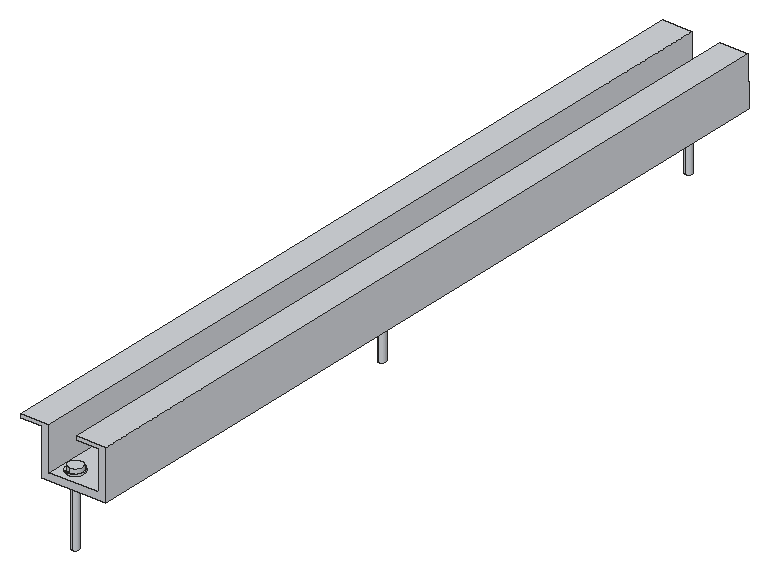
Revit family "GC - Assemblaggio Corrente + Rondella + Bullone", category Generic Models, host Face, Revit 2018
Family settings
  Host = Face
  Can host rebar = No
  Round Connector Dimension = Use Diameter
  Part Type = Normal
  Cut with Voids When Loaded = No
  Shared = No
  Room Calculation Point = No
Parameters
  Default Elevation = 121.92 cm
  Corrente _ Spessore Piatto = 0.50 cm
  Corrente _ Spessore = 1.00 cm
  Corrente _ Raggio Fori = Corrente _ Diametro Fori / 2  # 0.50 cm
  Corrente _ Lunghezza = 113.20 cm
  Corrente _ Larghezza Piatto = 4.00 cm
  Corrente _ Larghezza = 7.00 cm
  Corrente _ Distanza Piatti = 8.00 cm
  Corrente _ Distanza Fori Centrale = 0.40 cm
  Corrente _ Distanza Fori Laterale 2 = 2.20 cm
  Corrente _ Distanza Fori Laterale = 3.00 cm
  Corrente _ Diametro Fori = 1.00 cm
Reference planes (cm)
  plane 1 "Center (Front/Back)": y = 0
  plane 2: z = 0
  plane 3 "Center (Left/Right)": x = 0
  plane 4: z = 7
  plane 5: z = 6.5
  plane 6: x = -1
  plane 7: z = 1
  plane 8: x = -8
  plane 9: x = -9
  plane 10: x = -4
  plane 11: x = -12
  plane 12: y = -113.2
  plane 13: y = -56.6
  plane 14: x = -6
  plane 15: y = -57
  plane 16: y = -3
  plane 17: y = -111
Forms (cm)
  Extrusion 1, solid
    sketch origin (0, 0, 0) x (1, 0, 0) y (0, 0, 1)
      loop
        line (0, 7) -> (-4, 7) -> (-4, 6.5) -> (-1, 6.5) -> (-1, 1) -> (-8, 1) -> (-8, 7) -> (-12, 7) -> (-12, 6.5) -> (-9, 6.5) -> (-9, 0) -> (0, 0) -> (0, 7)
    from 0 to 113.2
  Extrusion 2, void
    sketch origin (0, 0, 0) x (1, 0, 0) y (0, 1, 0)
      loop
        circle (-6, -57) r 0.5
      loop
        circle (-6, -111) r 0.5
      loop
        circle (-6, -3) r 0.5
    from -10.4188 to 25
Cuts and joins
  Extrusion 2 cuts Extrusion 1
Dimensions and locks (cm)
  "Corrente _ Spessore Piatto": plane 5 to plane 4
  "Corrente _ Spessore": plane 2 to plane 7
  "Corrente _ Spessore": plane 9 to plane 8
  "Corrente _ Spessore": plane 6 to plane 3 "Center (Left/Right)"
  "Corrente _ Larghezza Piatto": plane 3 "Center (Left/Right)" to plane 10
  "Corrente _ Larghezza Piatto": plane 11 to plane 8
  "Corrente _ Larghezza": plane 2 to plane 4
  "Corrente _ Distanza Piatti": plane 3 "Center (Left/Right)" to plane 8
  "Corrente _ Lunghezza": plane 1 "Center (Front/Back)" to plane 12
  equal spacing: plane 12, plane 13, plane 1 "Center (Front/Back)"
  "Corrente _ Distanza Fori Centrale": plane 13 to plane 15
  "Corrente _ Distanza Fori Laterale 2": plane 17 to plane 12
  "Corrente _ Distanza Fori Laterale": plane 1 "Center (Front/Back)" to plane 16
  "Corrente _ Raggio Fori": radius of Extrusion 2 sketch curve  (x2)
  aligned and locked: plane 2 to host face
  aligned and locked: level to host face
  aligned and locked: plane 4 to Extrusion 1  (x2)
  aligned and locked: plane 10 to Extrusion 1
  aligned and locked: plane 6 to Extrusion 1
  aligned and locked: plane 7 to Extrusion 1
  aligned and locked: Extrusion 1 to plane 8
  aligned and locked: plane 11 to Extrusion 1
  aligned and locked: Extrusion 1 to plane 5  (x2)
  aligned and locked: plane 9 to Extrusion 1
  aligned and locked: Extrusion 1 to plane 2
  aligned and locked: plane 3 "Center (Left/Right)" to Extrusion 1
  aligned and locked: Extrusion 1 to plane 12
  aligned and locked: nested 3 to plane 14
  aligned and locked: nested 2 to plane 14
  aligned and locked: nested 1 to plane 14
  aligned and locked: plane 16 to nested 1
  aligned and locked: plane 15 to nested 2
  aligned and locked: plane 17 to nested 3
  aligned and locked: nested 4 to plane 17
  aligned and locked: nested 4 to plane 14
  aligned and locked: nested 5 to plane 14
  aligned and locked: nested 5 to plane 15
  aligned and locked: nested 6 to plane 14
  aligned and locked: nested 6 to plane 16
Automatic sketch dimensions
  host sketch curve to host sketch curve = 243.84 cm  (x2)
  plane 11 to Extrusion 1 sketch curve = 0.00 cm
  plane 9 to Extrusion 1 sketch curve = 0.00 cm
  Extrusion 1 sketch curve to plane 8 = 0.00 cm
  plane 10 to Extrusion 1 sketch curve = 0.00 cm
  plane 6 to Extrusion 1 sketch curve = 0.00 cm
  Extrusion 1 sketch curve to level = 0.00 cm
  plane 7 to Extrusion 1 sketch curve = 0.00 cm
  Extrusion 1 sketch curve to plane 5 = 0.00 cm  (x2)
  plane 4 to Extrusion 1 sketch curve = 0.00 cm  (x2)
  plane 3 "Center (Left/Right)" to Extrusion 1 sketch curve = 0.00 cm
  Extrusion 2 sketch curve to plane 14 = 0.00 cm  (x3)
  Extrusion 2 sketch curve to plane 17 = 0.00 cm
  Extrusion 2 sketch curve to plane 15 = 0.00 cm
  Extrusion 2 sketch curve to plane 16 = 0.00 cm
  radius of Extrusion 2 sketch curve = 0.50 cm
Nested families (cm)
  nested 1: "GC - Rondella" at (-6, -3, 1) x (-1, 0, 0) z (0, 0, 1), type "GC - Rondella"
  nested 2: "GC - Rondella" at (-6, -57, 1) x (-1, 0, 0) z (0, 0, 1), type "GC - Rondella"
  nested 3: "GC - Rondella" at (-6, -111, 1) x (-1, 0, 0) z (0, 0, 1), type "GC - Rondella"
  nested 4: "GC - Bullone" at (-6, -111, 1.2) x (0, -1, 0) z (0, 0, 1), type "GC - Bullone"
  nested 5: "GC - Bullone" at (-6, -57, 1.2) x (0, -1, 0) z (0, 0, 1), type "GC - Bullone"
  nested 6: "GC - Bullone" at (-6, -3, 1.2) x (0, -1, 0) z (0, 0, 1), type "GC - Bullone"
Definition of nested family "GC - Rondella"
  Parameters (values of type "GC - Rondella")
    Rondella _ Spessore = 0.20 cm
    Rondella _ Raggio Foro = Rondella _ Diametro Foro / 2  # 0.50 cm
    Rondella _ Raggio = Rondella _ Diametro / 2  # 1.25 cm
    Rondella _ Diametro Foro = 1.00 cm
    Rondella _ Diametro = 2.50 cm
    Default Elevation = 121.92 cm
  Reference planes (cm)
    plane 1 "Center (Front/Back)": y = 0
    plane 2: z = 0
    plane 3 "Center (Left/Right)": x = 0
    plane 4: z = 0.2
  Forms (cm)
    Extrusion 1, solid
      sketch origin (0, 0, 0) x (1, 0, 0) y (0, 1, 0)
        loop
          line (-121.92, 121.92) -> (-121.92, -121.92) -> (121.92, -121.92) -> (121.92, 121.92) -> (-121.92, 121.92)
      from 0 to -30.48
    Extrusion 2, solid
      sketch origin (0, 0, 0) x (1, 0, 0) y (0, 1, 0)
        loop
          circle (0, 0) r 1.25
      from 0 to 0.2
    Extrusion 3, void
      sketch origin (0, 0, 0) x (1, 0, 0) y (0, 1, 0)
        loop
          circle (0, 0) r 0.5
      from 0 to 25
  Cuts and joins
    Extrusion 3 cuts Extrusion 2
  Dimensions and locks (cm)
    "Rondella _ Spessore": plane 2 to plane 4
    "Rondella _ Raggio": radius of Extrusion 2 sketch curve
    "Rondella _ Raggio Foro": radius of Extrusion 3 sketch curve
    aligned and locked: plane 2 to Extrusion 1
    aligned and locked: level to Extrusion 1
    aligned and locked: plane 4 to cut or joined group of Extrusion 2, Extrusion 3
  Automatic sketch dimensions
    Extrusion 1 sketch curve to Extrusion 1 sketch curve = 243.84 cm  (x2)
    plane 1 "Center (Front/Back)" to Extrusion 2 sketch curve = 0.00 cm
    Extrusion 2 sketch curve to plane 3 "Center (Left/Right)" = 0.00 cm
    plane 1 "Center (Front/Back)" to Extrusion 3 sketch curve = 0.00 cm
    Extrusion 3 sketch curve to plane 3 "Center (Left/Right)" = 0.00 cm
Definition of nested family "GC - Bullone"
  Parameters (values of type "GC - Bullone")
    Testa Bullone _ Spessore = 0.50 cm
    Testa Bullone _ Raggio = Testa Bullone _ Diametro / 2  # 1.00 cm
    Testa Bullone _ Diametro = 2.00 cm
    Default Elevation = 121.92 cm
    Anima Bullone _ Lunghezza = 10.00 cm
    Anima Bullone _ Raggio = Anima Bullone _ Diametro / 2  # 0.50 cm
    Anima Bullone _ Diametro = 1.00 cm
  Reference planes (cm)
    plane 1 "Center (Front/Back)": y = 0
    plane 2: z = 0
    plane 3 "Center (Left/Right)": x = 0
    plane 4: z = 0.5
    plane 5: z = -10
  Forms (cm)
    Extrusion 1, solid
      sketch origin (0, 0, 0) x (1, 0, 0) y (0, 1, 0)
        loop
          line (-121.92, 121.92) -> (-121.92, -121.92) -> (121.92, -121.92) -> (121.92, 121.92) -> (-121.92, 121.92)
      from 0 to -30.48
    Extrusion 2, solid
      sketch origin (0, 0, 0) x (1, 0, 0) y (0, 1, 0)
        loop
          circle (0, 0) r 1
      from 0 to 0.5
    Extrusion 3, solid
      sketch origin (0, 0, 0) x (1, 0, 0) y (0, 1, 0)
        loop
          circle (0, 0) r 0.5
      from -10 to 0
  Dimensions and locks (cm)
    "Testa Bullone _ Spessore": plane 2 to plane 4
    "Anima Bullone _ Lunghezza": plane 5 to plane 2
    "Testa Bullone _ Raggio": radius of Extrusion 2 sketch curve
    "Anima Bullone _ Raggio": radius of Extrusion 3 sketch curve
    aligned and locked: plane 2 to Extrusion 1
    aligned and locked: level to Extrusion 1
    aligned and locked: plane 4 to Extrusion 2
    aligned and locked: Extrusion 3 to plane 5
    aligned and locked: plane 2 to Extrusion 3
  Automatic sketch dimensions
    Extrusion 1 sketch curve to Extrusion 1 sketch curve = 243.84 cm  (x2)
    plane 1 "Center (Front/Back)" to Extrusion 2 sketch curve = 0.00 cm
    Extrusion 2 sketch curve to plane 3 "Center (Left/Right)" = 0.00 cm
    plane 1 "Center (Front/Back)" to Extrusion 3 sketch curve = 0.00 cm
    Extrusion 3 sketch curve to plane 3 "Center (Left/Right)" = 0.00 cm
